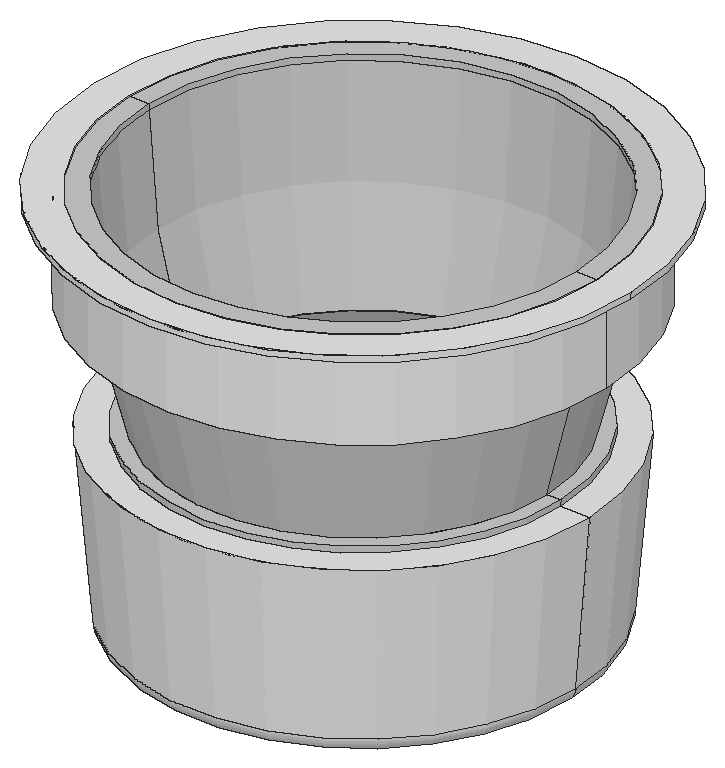
Revit family "2059352 Lighting Fixture_Sylvania_Ascent 150 II Round_Ceiling Recessed", category Lighting Fixtures, host Face, Revit 2017
Family settings
  Host = Face
  Round Connector Dimension = Use Diameter
  Part Type = Normal
  OmniClass Number = 23.80.70.11.17
  OmniClass Title = Specialized Lighting by Location or Use
  Cut with Voids When Loaded = No
  Light Source = Yes
  Shared = No
  Room Calculation Point = No
Parameters (values of type "ASCENT 150 II 1700 4K STD")
  Upper Body Radius = Radius - 14.5 mm  # 80.0 mm
  Upper Body Material = Metal_Sylvania_Ascent 150 II_Black
  Ring Outer Diameter = Diameter - 17.0 mm  # 172.0 mm
  Ring Inner Diameter = Ring Outer Diameter - 4.0 mm  # 168.0 mm
  Reflector Material = Metal_Sylvania_Ascent 150 II_Polished
  Recessed Depth = 142.0 mm
  Radius = Diameter / 2  # 94.5 mm
  Light Emit  Diameter = Diameter - 38.0 mm  # 151.0 mm
  LOR = "100%"  # constant formula
  Inrush Current (max. quantity per 16A C breaker) = "80"  # constant formula
  Inner Reflector Radius = Inner Radius - 19.5 mm  # 63.0 mm
  Inner Radius = Inner Diameter / 2  # 82.5 mm
  Inner Diameter = Diameter - 24.0 mm  # 165.0 mm
  IP Rating = "IP44"  # constant formula
  IK Rating = "IK02"  # constant formula
  Glow Wire Test = 650 °C  # constant formula
  Energy Class = "A++,A+,A"  # constant formula
  Weight = 1.7 kg
  Wattage = 14.1301 W
  built-in parameter 1150110 = 1 (stored number, unit not read)
  Voltage Comments = "UNV (Universal Voltage; 220-240 Volt)"  # constant formula
  Voltage = 230 V  # constant formula
  URL = "https://www.sylvania-lighting.com"
  built-in parameter 1114217 = 1 (stored number, unit not read)
  Tilt Angle = -90°
  built-in parameter 1150109 = 1 (stored number, unit not read)
  built-in parameter 1150134 = 12
  built-in parameter 1150113 = 1 (stored number, unit not read)
  Product Page URL = "https://www.sylvania-lighting.com/product/en-int/products/2059352"
  Product Family = "ASCENT 150 II ROUND"  # constant formula
  Photometry Comments = ""
  Photometric Web File = "2059352_ASCENT150II17004KSTD-206178.ies"
  Life = "50 000 h"  # constant formula
  Emit from Circle Diameter = Light Emit  Diameter  # 151.0 mm
  Emit Shape Visible in Rendering = no
  Emergency duration (h) = "N/A"
  Electrical Protection = "Class II"  # constant formula
  Drive Current = "500mA"  # constant formula
  Distribution type = "Direct"  # constant formula
  Diffuser Material = Glass_Sylvania_Ascent 150 II_Clear_4000K
  Diameter = 189.0 mm
  Cutout Diameter = Diameter - 13.0 mm  # 176.0 mm
  Colour consistency (SDCM) = "3 step"  # constant formula
  built-in parameter 1114216 [instance] = 1 (stored number, unit not read)
  Model = "ASCENT 150 II 1700 4K STD"
  Manufacturer = "Feilo Sylvania"
  built-in parameter 1150105 = 1060.3 (stored number, unit not read)
  Lumens = 1738 lm
  built-in parameter 1150115 = 1 (stored number, unit not read)
  built-in parameter 1150137 = (empty or 0)
  built-in parameter 1150139 = (empty or 0)
  built-in parameter 1150112 = 1 (stored number, unit not read)
  built-in parameter 1150114 = 1 (stored number, unit not read)
  Lamp Comments = "Integrated LED"  # constant formula
  Lamp = "LED"  # constant formula
  built-in parameter 1150132 = 2
  built-in parameter 1150102 = (empty or 0)
  built-in parameter 1150107 = 4000 (stored number, unit not read)
  built-in parameter 1150138 = (empty or 0)
  built-in parameter 1150106 = 10.603 (stored number, unit not read)
  built-in parameter 1150104 = 11.427 (stored number, unit not read)
  Dimming Lamp Color Temperature Shift = <None>
  Description = "A very high efficient round downlight up to 127lm/W Long life >50,000hrs 4,000K and 3,000K CCT and CRI Ra85 IP44 rated for wet areas and bathrooms UGR <19 version for offices to comply with EN12464-1 Wide selection of decorative accessories"  # constant formula
  Default Elevation = 0.0 mm
  Color Filter = 16777215
  Catalog Number = "2059352 ASCENT 150 II 1700 4K STD"
  built-in parameter 1140040 [instance] = 1
  CRI (Ra) = ">80"  # constant formula
  built-in parameter 1114218 = 1 (stored number, unit not read)
  built-in parameter 1150133 = 10 (stored number, unit not read)
  Assembly Code = "D5020200"
  Apparent Load Comments = ""
  Apparent Load = 14 VA
  Accessory Material = Aluminum_Sylvania_Ascent 150 II_White
Reference planes
  plane 1 "Center (Front/Back)": y = 0
  plane 2: z = 0
  plane 3 "Center (Left/Right)": x = 0
  plane 4: z = 2
  plane 5: z = -74
  plane 6 "Fixture Top": z = -140
  plane 7: z = -31
  plane 8: z = -72
  plane 9: z = -62.037
Forms (mm)
  Extrusion 1, solid, material "Aluminum_Sylvania_Ascent 150 II_White" <- "Accessory Material", detail levels fine
    sketch origin (0, 0, 0) x (1, 0, 0) y (0, 1, 0)
      loop
        circle (0, 0) r 94.5
      loop
        circle (0, 0) r 82.5
    from 0 to 2
  Extrusion 2, void
    sketch origin (0, 0, 0) x (1, 0, 0) y (0, 1, 0)
      loop
        circle (0, 0) r 88
    from -140 to 2
  Revolve 3, solid, material "Metal_Sylvania_Ascent 150 II_Polished" <- "Reflector Material", detail levels fine
    sketch origin (0, 0, 0) x (1, 0, 0) y (0, 0, 1)
      loop
        line (-82.5, 0) -> (-77.5, 0)
        arc (-77.5, 0) -> (-74.352, -36.539) -> (-65, -72) r 213.61
        line (-65, -72) -> (-70, -72) -> (-70, -74) -> (0, -74) -> (0, -72) -> (-63, -72)
        arc (-63, -72) -> (-72.352, -36.539) -> (-75.5, 0) r 213.61
        line (-75.5, 0) -> (-75.5, 2) -> (-82.5, 2) -> (-82.5, 0)
      axis (0, 2) -> (0, -74)
    angle from 0 to 360
  Extrusion 4, solid, material "Aluminum_Sylvania_Ascent 150 II_White" <- "Accessory Material", detail levels fine
    sketch origin (0, 0, 0) x (1, 0, 0) y (0, 1, 0)
      loop
        circle (0, 0) r 86
      loop
        circle (0, 0) r 84
    from -31 to 0
  Revolve 5, solid, material "Glass_Sylvania_Ascent 150 II_Clear_4000K" <- "Diffuser Material", detail levels fine
    sketch origin (0, 0, 0) x (1, 0, 0) y (0, 0, 1)
      loop
        line (-63, -72) -> (0, -72) -> (0, -62.037)
        arc (0, -62.037) -> (-31.891, -64.543) -> (-63, -72) r 204.163
      axis (0, -62.037) -> (0, -72)
    angle from 0 to 360
  Revolve 6, solid, material "Metal_Sylvania_Ascent 150 II_Black" <- "Upper Body Material", detail levels fine
    sketch origin (0, 0, 0) x (1, 0, 0) y (0, 0, 1)
      loop
        line (0, -74) -> (-80, -74) -> (-75.107, -129.929)
        arc (-75.107, -129.929) -> (-73.452, -133.536) -> (-69.924, -135.353) r 6.079
        arc (-69.924, -135.353) -> (-35.039, -138.837) -> (0, -140) r 528.435
        line (0, -140) -> (0, -74)
      axis (0, -74) -> (0, -140)
    angle from 0 to 360
  Revolve 7, solid, material "Aluminum_Sylvania_Ascent 150 II_White" <- "Accessory Material", detail levels coarse+medium
    sketch origin (0, 0, 0) x (1, 0, 0) y (0, 0, 1)
      loop
        arc (-69.924, -135.353) -> (-35.039, -138.837) -> (0, -140) r 528.435
        line (0, -140) -> (0, 2) -> (-94.5, 2) -> (-94.5, 0) -> (-86, 0) -> (-86, -31)
        arc (-86, -31) -> (-84.493, -52.708) -> (-80, -74) r 157.083
        line (-80, -74) -> (-75.107, -129.929)
        arc (-75.107, -129.929) -> (-73.452, -133.536) -> (-69.924, -135.353) r 6.079
      axis (0, 2) -> (0, -140)
    angle from 0 to 360
Cuts and joins
  joined: Extrusion 1, Extrusion 4
Lines and regions (mm)
  Masking region 1
    outline origin (0, 0, 0) x (1, 0, 0) y (0, 1, 0)
      loop
        circle (0, 0) r 94.5
  symbolic lines, detail levels fine
    curve 1: arc (-75.5, 0, 0) -> (0, 75.5, 0) -> (75.5, 0, 0) r 75.5
    curve 2: arc (75.5, 0, 0) -> (0, -75.5, 0) -> (-75.5, 0, 0) r 75.5
Dimensions and locks
  plane 4 to plane 2 to plane 7 to plane 9 to plane 8 to plane 5 = 2.0 mm locked, 31.0 mm locked, 31.037 mm locked, 9.963 mm locked, 2.0 mm locked
  "Inner Radius": plane 3 "Center (Left/Right)" to Revolve 3 sketch curve
  locked: Revolve 3 sketch curve to Revolve 3 sketch curve at 7
  Revolve 3 sketch curve to Revolve 3 sketch curve to Revolve 3 sketch curve to Revolve 3 sketch curve = 2.0 mm locked, 5.0 mm locked, 12.5 mm locked
  "Inner Reflector Radius": Revolve 5 sketch curve to imposter light
  Revolve 6 sketch curve to Revolve 6 sketch curve to plane 6 "Fixture Top" = 5.424 mm locked, 4.647 mm locked
  "Recessed Depth": plane 4 to plane 6 "Fixture Top"
  "Upper Body Radius": plane 3 "Center (Left/Right)" to Revolve 6 sketch curve
  Revolve 6 sketch curve to Revolve 6 sketch curve to Revolve 6 sketch curve = 4.893 mm locked, 5.183 mm locked
  Revolve 7 sketch curve to Revolve 7 sketch curve to plane 6 "Fixture Top" = 5.424 mm locked, 4.647 mm locked
  Revolve 7 sketch curve to Revolve 7 sketch curve to Revolve 7 sketch curve to Revolve 7 sketch curve to Revolve 7 sketch curve = 8.5 mm locked, 6.0 mm locked, 4.893 mm locked, 5.183 mm locked
  "Radius": plane 3 "Center (Left/Right)" to Revolve 7 sketch curve
  "Diameter": diameter of Extrusion 1 sketch curve
  "Inner Diameter": diameter of Extrusion 1 sketch curve
  "Cutout Diameter": diameter of Extrusion 2 sketch curve
  "Ring Outer Diameter": diameter of Extrusion 4 sketch curve
  "Ring Inner Diameter": diameter of Extrusion 4 sketch curve
  aligned and locked: plane 2 to host face
  aligned and locked: level to host face
  aligned and locked: imposter light to plane 3 "Center (Left/Right)"
  aligned and locked: imposter light to plane 1 "Center (Front/Back)"
  aligned and locked: Extrusion 1 to plane 2
  aligned and locked: plane 4 to Extrusion 1
  aligned and locked: imposter light to plane 4
  aligned and locked: imposter light to Revolve 3 sketch curve
  aligned and locked: Revolve 3 sketch curve to imposter light
  aligned and locked: Revolve 3 sketch curve to plane 2
  aligned and locked: Revolve 3 sketch curve to Revolve 3 sketch curve
  aligned and locked: plane 5 to Revolve 3 sketch curve
  aligned and locked: Extrusion 4 to plane 7
  aligned and locked: Revolve 3 sketch curve to plane 8
  aligned and locked: Revolve 5 sketch curve to plane 8
  aligned and locked: imposter light to Revolve 5 sketch curve  (x2)
  aligned and locked: imposter light to Revolve 6 sketch curve  (x2)
  aligned and locked: plane 5 to Revolve 6 sketch curve
  aligned and locked: plane 6 "Fixture Top" to Revolve 6 sketch curve
  aligned and locked: Revolve 7 sketch curve to plane 2
  aligned and locked: plane 4 to Revolve 7 sketch curve
  aligned and locked: plane 7 to Revolve 7 sketch curve
  aligned and locked: imposter light to Extrusion 2
  aligned and locked: Extrusion 2 to plane 6 "Fixture Top"
  aligned and locked: Masking region 1 sketch curve to Revolve 7  (x2)
  aligned and locked: curve 1 to Revolve 3
  aligned and locked: curve 2 to Revolve 3
Automatic sketch dimensions
  host sketch curve to host sketch curve = 1040.406 mm
  host sketch curve to host sketch curve = 988.385 mm
  Extrusion 1 sketch curve to Extrusion 1 sketch curve = 0.0 mm  (x2)
  plane 1 "Center (Front/Back)" to Extrusion 1 sketch curve = 0.0 mm
  Extrusion 1 sketch curve to plane 3 "Center (Left/Right)" = 0.0 mm
  plane 1 "Center (Front/Back)" to Extrusion 2 sketch curve = 0.0 mm
  Extrusion 2 sketch curve to plane 3 "Center (Left/Right)" = 0.0 mm
  Revolve 3 sketch curve to plane 3 "Center (Left/Right)" = 0.0 mm
  Revolve 3 sketch curve to level = 0.0 mm
  Revolve 3 sketch curve to Revolve 3 sketch curve = 2.0 mm
  Revolve 3 sketch curve to plane 5 = 27.065 mm
  plane 4 to Revolve 3 sketch curve = 16.525 mm
  Extrusion 4 sketch curve to Extrusion 4 sketch curve = 0.0 mm  (x2)
  plane 1 "Center (Front/Back)" to Extrusion 4 sketch curve = 0.0 mm
  Extrusion 4 sketch curve to plane 3 "Center (Left/Right)" = 0.0 mm
  Revolve 5 sketch curve to plane 9 = 0.0 mm
  Revolve 5 sketch curve to plane 5 = 17.158 mm
  Revolve 5 sketch curve to plane 7 = 15.158 mm
  Revolve 6 sketch curve to plane 7 = 0.0 mm
  Revolve 6 sketch curve to Revolve 6 sketch curve = 6.05 mm
  Revolve 6 sketch curve to plane 6 "Fixture Top" = 26.0 mm
  Revolve 7 sketch curve to plane 3 "Center (Left/Right)" = 0.0 mm  (x2)
  Revolve 7 sketch curve to plane 6 "Fixture Top" = 0.0 mm
  Revolve 7 sketch curve to plane 5 = 0.0 mm
  Revolve 7 sketch curve to plane 7 = 0.0 mm
  Revolve 7 sketch curve to Revolve 7 sketch curve = 0.866 mm
  Revolve 7 sketch curve to Revolve 7 sketch curve = 26.0 mm
Connectors
  electrical at (0, 0, -140), driven by "Apparent Load", driven by "Voltage"
    settings: index 1, voltage 230 V, apparent load 0 VA, apparent load phase1 14 VA, apparent load phase2 0 VA, apparent load phase3 0 VA, power factor 1, load classification "Lighting", number of poles 1, system type 31, power factor state 1, is connector primary yes, connector utility no, sub classification motor no, connector description ""
